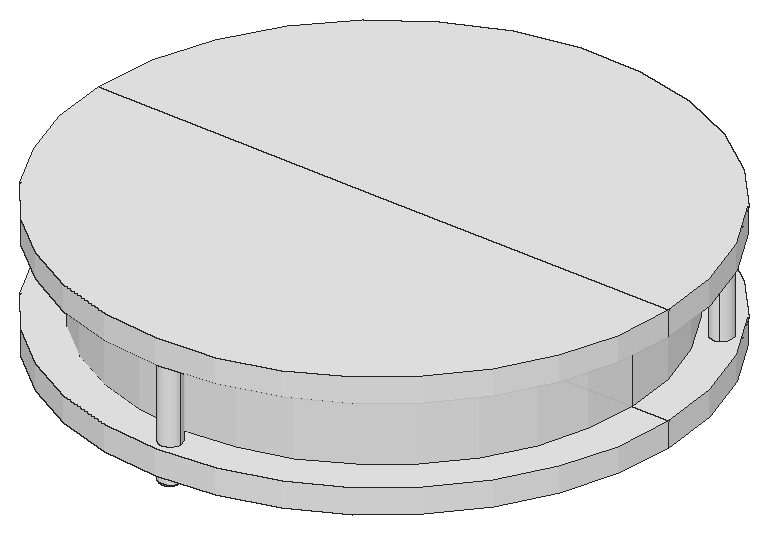
Revit family "3-618-xx - Oracle Ceiling Mount", category Lighting Fixtures, host Ceiling, Revit 2018
Family settings
  Host = Ceiling
  Round Connector Dimension = Use Diameter
  Part Type = Normal
  OmniClass Number = 23.80.70.11
  OmniClass Title = Luminaries for Internal Lighting
  Always vertical = Yes
  Cut with Voids When Loaded = No
  Light Source = Yes
  Shared = No
  Room Calculation Point = No
Parameters (values of type "3-618-14 / Polished Chrome - Matte White Acrylic")
  Wattage Comments = "1 x 10.1 W at 120 V"  # constant formula
  Wattage = 9.2903 W
  built-in parameter 1150110 = 1 (stored number, unit not read)
  Voltage Input = "120 V or 277 V - 50/60 Hz"  # constant formula
  Voltage = 120 V
  URL = "www.oxygenlighting.com"
  built-in parameter 1114217 = 1 (stored number, unit not read)
  built-in parameter 1150109 = 1 (stored number, unit not read)
  built-in parameter 1150134 = (empty or 0)
  built-in parameter 1150113 = 1 (stored number, unit not read)
  References = "Ref. 3 = 120 V / Ref. 37 = 277 V"  # constant formula
  Model = "3-618-xx / Oracle Ceiling Mount"  # constant formula
  Metal Finish = 14 - Polished Chrome
  Manufacturer = "Oxygen Lighting and Fans"  # constant formula
  Main Diffuser = Matte White Acrylic
  Lumens = 1380 lm
  built-in parameter 1150115 = 1 (stored number, unit not read)
  built-in parameter 1150105 = 109.82 (stored number, unit not read)
  Light Source Symbol Size = 609.6 mm
  built-in parameter 1150137 = (empty or 0)
  built-in parameter 1150139 = (empty or 0)
  built-in parameter 1150112 = 1 (stored number, unit not read)
  built-in parameter 1150114 = 1 (stored number, unit not read)
  Lamp = "LED Array"  # constant formula
  built-in parameter 1150132 = 2
  built-in parameter 1150102 = (empty or 0)
  built-in parameter 1150138 = (empty or 0)
  built-in parameter 1150107 = 3000 (stored number, unit not read)
  built-in parameter 1150106 = 1.0982 (stored number, unit not read)
  built-in parameter 1150104 = 13.8 (stored number, unit not read)
  Dimming Lamp Color Temperature Shift = <None>
  Color Filter = 16777215
  built-in parameter 1114218 = 1 (stored number, unit not read)
  built-in parameter 1150133 = 10 (stored number, unit not read)
Types (5, lengths in mm): name | Metal Finish
  3-618-14 / Polished Chrome - Matte White Acrylic | 14 - Polished Chrome
  3-618-15 / Black - Matte White Acrylic | 15 - Black
  3-618-22 / Oiled Bronze - Matte White Acrylic | 22- Oiled Bronze
  3-618-24 / Satin Nickel - Matte White Acrylic | 24 - Satin Nickel
  3-618-40 / Aged Brass - Matte White Acrylic | 40 - Aged Brass
Reference planes
  plane 1 "Light Source Axis (F/B)": y = 0
  plane 2: z = 0
  plane 3 "Light Source Axis (L/R)": x = 0
  plane 4 "Ceiling": z = 4000
  plane 5 "Light Source Elevation": z = 3950
Dimensions and locks
  equal spacing: host sketch curve, plane 3 "Light Source Axis (L/R)", host sketch curve
  equal spacing: host sketch curve, plane 1 "Light Source Axis (F/B)", host sketch curve
  host sketch curve to host sketch curve = 4000 mm  (x2)
  plane 4 "Ceiling" to host ceiling = 0 mm
  locked: plane 5 "Light Source Elevation" to plane 4 "Ceiling" at 50
  aligned and locked: plane 3 "Light Source Axis (L/R)" to imposter light
  aligned and locked: plane 1 "Light Source Axis (F/B)" to imposter light
  aligned and locked: plane 5 "Light Source Elevation" to imposter light
  aligned and locked: plane 3 "Light Source Axis (L/R)" to nested 1
  aligned and locked: plane 1 "Light Source Axis (F/B)" to nested 1
  aligned and locked: plane 4 "Ceiling" to nested 1
Nested families
  nested 1: "Base" at (0, 0, 4000), type "Base"
Connectors
  electrical at (0, 0, 4000), driven by "Voltage"
    settings: on nested 1, index 1, voltage 120 V, apparent load 0 VA, apparent load phase1 0 VA, apparent load phase2 0 VA, apparent load phase3 0 VA, power factor 1, load classification "Other", number of poles 1, system type 31, power factor state 1, is connector primary yes, connector utility no, sub classification motor no, connector description ""
Definition of nested family "Base"
  Parameters (values of type "Base")
    Metal Finish = none
    Main Diffuser = none
  Reference planes
    plane 1 "Center (Front/Back)": y = 0
    plane 2: z = 0
    plane 3 "Center (Left/Right)": x = 0
  Forms (mm)
    Revolve 1, solid, material <- "Metal Finish"
      sketch origin (0, 0, 0) x (1, 0, 0) y (0, 0, 1)
        loop
          line (0, -11.057) -> (0, 0) -> (-131.858, 0) -> (-131.858, -11.057) -> (0, -11.057)
        loop
          line (0, -57.128) -> (0, -46.007) -> (-131.858, -46.007) -> (-131.858, -57.128) -> (0, -57.128)
        axis (0, 0) -> (0, -57.128)
      angle from 0 to 360
    Revolve 2, solid, material <- "Main Diffuser"
      sketch origin (0, 0, 0) x (1, 0, 0) y (0, 0, 1)
        loop
          line (-115.146, -11.057) -> (-115.146, -46.007) -> (0, -46.007) -> (0, -11.057) -> (-115.146, -11.057)
        loop
          arc (-105.232, -64.016) -> (-53.986, -82.065) -> (0, -88.189) r 241.278
          line (0, -88.189) -> (0, -57.128) -> (-105.232, -57.128) -> (-105.232, -64.016)
        axis (0, -11.057) -> (0, -88.189)
      angle from 0 to 360
    Revolve 3, solid, material <- "Metal Finish"
      sketch origin (105.232, -123.6, 0) x (1, 0, 0) y (0, 0, 1)
        loop
          line (-109.998, -11.057) -> (-109.998, -61.894)
          arc (-109.998, -61.894) -> (-107.841, -63.462) -> (-105.232, -64.016) r 6.413
          line (-105.232, -64.016) -> (-105.232, -11.057) -> (-109.998, -11.057)
        axis (-105.232, -64.016) -> (-105.232, -11.057)
      angle from 0 to 360
    Revolve 4, solid, material <- "Metal Finish"
      sketch origin (54.424, 152.934, 0) x (-0.5, 0.866025, 0) y (0, 0, 1)
        loop
          line (-109.998, -11.057) -> (-109.998, -61.894)
          arc (-109.998, -61.894) -> (-107.841, -63.462) -> (-105.232, -64.016) r 6.413
          line (-105.232, -64.016) -> (-105.232, -11.057) -> (-109.998, -11.057)
        axis (-105.232, -64.016) -> (-105.232, -11.057)
      angle from 0 to 360
    Revolve 5, solid, material <- "Metal Finish"
      sketch origin (-159.657, -29.334, 0) x (-0.5, -0.866025, 0) y (0, 0, 1)
        loop
          line (-109.998, -11.057) -> (-109.998, -61.894)
          arc (-109.998, -61.894) -> (-107.841, -63.462) -> (-105.232, -64.016) r 6.413
          line (-105.232, -64.016) -> (-105.232, -11.057) -> (-109.998, -11.057)
        axis (-105.232, -64.016) -> (-105.232, -11.057)
      angle from 0 to 360
  Cuts and joins
    joined: Revolve 1, Revolve 3, Revolve 4, Revolve 5
  Dimensions and locks
    aligned and locked: level to plane 2
